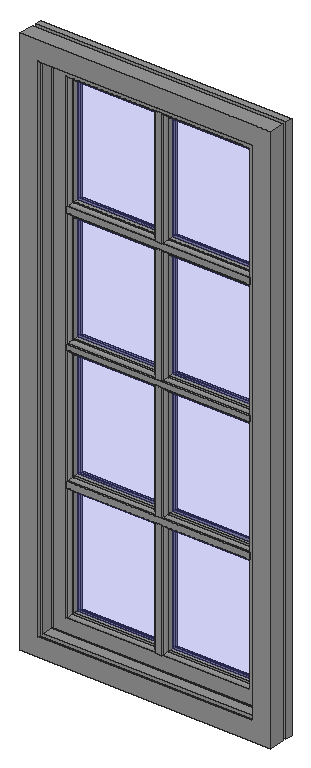
Revit family "MB1SP RH", category Windows, host Wall, Revit 2015
Parameters (values of type "MB1SP RH")
  Height = 1195 mm
  Default Lintel Height = 2100 mm
  Wall Closure = By host
  Width = 542 mm
Reference planes
  plane 1 "Center (Front/Back)": y = 0
  plane 2 "Center (Left/Right)": x = 0
  plane 3 "Left": x = -271
  plane 4 "Right": x = 271
  plane 5 "Sill": z = 905
  plane 6 "Head": z = 2100
  plane 7 "Exterior": y = 100
  plane 8 "Interior": y = -100
  plane 9: y = -28.5
  plane 10: y = 23.5
Forms (mm)
  Sweep 1, solid, material "Lauan, Meranti"
    path origin (0, 100, 0) x (-1, 0, 0) y (0, 0, -1)
      loop
        line (271, -2100) -> (271, -905) -> (-271, -905) -> (-271, -2100) -> (271, -2100)
    profile origin (0, 100, 2100) x (0, 0, 1) y (0, -1, 0)
      loop
        line (0, 71.5) -> (0, 86.5) -> (-10, 86.5) -> (-10, 94.5) -> (0, 94.5) -> (0, 128.5) -> (-39, 128.5) -> (-39, 122.5) -> (-44, 122.5) -> (-44, 96.5) -> (-40.5, 96.5) -> (-40.5, 102.5) -> (-37.5, 102.5) -> (-37.5, 96.5) -> (-29, 96.5) -> (-29, 71.5) -> (0, 71.5)
  Sweep 2, solid, material "Rubber"
    path origin (0, 100, 0) x (-1, 0, 0) y (0, 0, -1)
      loop
        line (233.5, -2062.5) -> (233.5, -942.5) -> (-233.5, -942.5) -> (-233.5, -2062.5) -> (233.5, -2062.5)
    profile origin (0, 100, 2062.5) x (0, 0, 1) y (0, -1, 0)
      loop
        line (-1.5, 91.5) -> (3.5, 93.5) -> (3.5, 96.5) -> (-0.5, 96.5) -> (-0.5, 98.93) -> (0.5, 98.93) -> (-0.5, 99.198) -> (-0.5, 100.964) -> (0.5, 100.964) -> (-1.5, 101.5) -> (-3.5, 100.964) -> (-2.5, 100.964) -> (-2.5, 99.198) -> (-3.5, 98.93) -> (-2.5, 98.93) -> (-2.5, 96.5) -> (-6.5, 96.5) -> (-6.5, 93.5) -> (-1.5, 91.5)
  Sweep 3, solid, material "Lauan, Meranti"
    path origin (0, 100, 0) x (-1, 0, 0) y (0, 0, -1)
      loop
        line (242, -2071) -> (242, -934) -> (-242, -934) -> (-242, -2071) -> (242, -2071)
    profile origin (0, 100, 2071) x (0, 0, 1) y (0, -1, 0)
      loop
        line (5, 57.5) -> (5, 71.5) -> (-12, 71.5) -> (-12, 78.5) -> (-14, 79.036) -> (-14, 83.964) -> (-12, 84.5) -> (-12, 89.5) -> (-10, 89.5) -> (-10, 93.5) -> (-43, 93.5) -> (-43, 90.5)
        arc (-43, 90.5) -> (-47.243, 88.743) -> (-49, 84.5) r 6
        line (-49, 84.5) -> (-52, 84.5) -> (-52, 76.5) -> (-43, 76.5) -> (-43, 51.5) -> (-1, 51.5)
        arc (-1, 51.5) -> (3.242, 53.257) -> (5, 57.5) r 6
  Extrusion 4, solid, material "Lauan, Meranti"
    sketch origin (0.324, 25, 184.161) x (-1, 0, 0) y (0, -1, 0)
      loop
        line (-6.5, -23.5) -> (6.5, -23.5) -> (6.5, 1.5) -> (15.5, 1.5) -> (15.5, 9.5) -> (12.5, 9.5)
        arc (12.5, 9.5) -> (10.743, 13.743) -> (6.5, 15.5) r 6
        line (6.5, 15.5) -> (6.5, 18.5) -> (-6.5, 18.5) -> (-6.5, 15.5)
        arc (-6.5, 15.5) -> (-10.743, 13.743) -> (-12.5, 9.5) r 6
        line (-12.5, 9.5) -> (-15.5, 9.5) -> (-15.5, 1.5) -> (-6.5, 1.5) -> (-6.5, -23.5)
    from 1590.838 to 1843.838
  Extrusion 5, solid, material "Lauan, Meranti"
    sketch origin (270.924, 0, -15.839) x (0, -1, 0) y (0, 0, -1)
      loop
        line (-48.5, -1777.838) -> (-48.5, -1790.838) -> (-23.5, -1790.838) -> (-23.5, -1799.838) -> (-15.5, -1799.838) -> (-15.5, -1796.838)
        arc (-15.5, -1796.838) -> (-11.257, -1795.081) -> (-9.5, -1790.838) r 6
        line (-9.5, -1790.838) -> (-6.5, -1790.838) -> (-6.5, -1777.838) -> (-9.5, -1777.838)
        arc (-9.5, -1777.838) -> (-11.257, -1773.596) -> (-15.5, -1771.838) r 6
        line (-15.5, -1771.838) -> (-15.5, -1768.838) -> (-23.5, -1768.838) -> (-23.5, -1777.838) -> (-48.5, -1777.838)
      loop
        line (-48.5, -1511.838) -> (-48.5, -1524.838) -> (-23.5, -1524.838) -> (-23.5, -1533.838) -> (-15.5, -1533.838) -> (-15.5, -1530.838)
        arc (-15.5, -1530.838) -> (-11.257, -1529.081) -> (-9.5, -1524.838) r 6
        line (-9.5, -1524.838) -> (-6.5, -1524.838) -> (-6.5, -1511.838) -> (-9.5, -1511.838)
        arc (-9.5, -1511.838) -> (-11.257, -1507.596) -> (-15.5, -1505.838) r 6
        line (-15.5, -1505.838) -> (-15.5, -1502.838) -> (-23.5, -1502.838) -> (-23.5, -1511.838) -> (-48.5, -1511.838)
      loop
        line (-48.5, -1245.838) -> (-48.5, -1258.838) -> (-23.5, -1258.838) -> (-23.5, -1267.838) -> (-15.5, -1267.838) -> (-15.5, -1264.838)
        arc (-15.5, -1264.838) -> (-11.257, -1263.081) -> (-9.5, -1258.838) r 6
        line (-9.5, -1258.838) -> (-6.5, -1258.838) -> (-6.5, -1245.838) -> (-9.5, -1245.838)
        arc (-9.5, -1245.838) -> (-11.257, -1241.596) -> (-15.5, -1239.838) r 6
        line (-15.5, -1239.838) -> (-15.5, -1236.838) -> (-23.5, -1236.838) -> (-23.5, -1245.838) -> (-48.5, -1245.838)
    from -469.924 to -71.925
  Extrusion 6, solid, material "Lauan, Meranti"
    sketch origin (0.324, 25, -15.264) x (-1, 0, 0) y (0, -1, 0)
      loop
        line (-6.5, -23.5) -> (6.5, -23.5) -> (6.5, 1.5) -> (15.5, 1.5) -> (15.5, 9.5) -> (12.5, 9.5)
        arc (12.5, 9.5) -> (10.743, 13.743) -> (6.5, 15.5) r 6
        line (6.5, 15.5) -> (6.5, 18.5) -> (-6.5, 18.5) -> (-6.5, 15.5)
        arc (-6.5, 15.5) -> (-10.743, 13.743) -> (-12.5, 9.5) r 6
        line (-12.5, 9.5) -> (-15.5, 9.5) -> (-15.5, 1.5) -> (-6.5, 1.5) -> (-6.5, -23.5)
    from 1524.263 to 1777.263
  Extrusion 7, solid, material "Lauan, Meranti"
    sketch origin (0.324, 25, -214.688) x (-1, 0, 0) y (0, -1, 0)
      loop
        line (-6.5, -23.5) -> (6.5, -23.5) -> (6.5, 1.5) -> (15.5, 1.5) -> (15.5, 9.5) -> (12.5, 9.5)
        arc (12.5, 9.5) -> (10.743, 13.743) -> (6.5, 15.5) r 6
        line (6.5, 15.5) -> (6.5, 18.5) -> (-6.5, 18.5) -> (-6.5, 15.5)
        arc (-6.5, 15.5) -> (-10.743, 13.743) -> (-12.5, 9.5) r 6
        line (-12.5, 9.5) -> (-15.5, 9.5) -> (-15.5, 1.5) -> (-6.5, 1.5) -> (-6.5, -23.5)
    from 1457.688 to 1710.688
  Extrusion 8, solid, material "Lauan, Meranti"
    sketch origin (0.324, 25, -414.113) x (-1, 0, 0) y (0, -1, 0)
      loop
        line (-6.5, -23.5) -> (6.5, -23.5) -> (6.5, 1.5) -> (15.5, 1.5) -> (15.5, 9.5) -> (12.5, 9.5)
        arc (12.5, 9.5) -> (10.743, 13.743) -> (6.5, 15.5) r 6
        line (6.5, 15.5) -> (6.5, 18.5) -> (-6.5, 18.5) -> (-6.5, 15.5)
        arc (-6.5, 15.5) -> (-10.743, 13.743) -> (-12.5, 9.5) r 6
        line (-12.5, 9.5) -> (-15.5, 9.5) -> (-15.5, 1.5) -> (-6.5, 1.5) -> (-6.5, -23.5)
    from 1391.114 to 1644.113
  Extrusion 9, solid, material "Glass"
    sketch origin (10500, 23.5, 2100) x (0, 0, -1) y (-1, 0, 0)
      loop
        line (72, 10699) -> (72, 10506.176) -> (325, 10506.176) -> (325, 10699) -> (72, 10699)
      loop
        line (72, 10493.176) -> (72, 10301) -> (325, 10301) -> (325, 10493.176) -> (72, 10493.176)
      loop
        line (338, 10699) -> (338, 10506.176) -> (591, 10506.176) -> (591, 10699) -> (338, 10699)
      loop
        line (338, 10493.176) -> (338, 10301) -> (591, 10301) -> (591, 10493.176) -> (338, 10493.176)
      loop
        line (604, 10699) -> (604, 10506.176) -> (857, 10506.176) -> (857, 10699) -> (604, 10699)
      loop
        line (604, 10493.176) -> (604, 10301) -> (857, 10301) -> (857, 10493.176) -> (604, 10493.176)
      loop
        line (870, 10699) -> (870, 10506.176) -> (1123, 10506.176) -> (1123, 10699) -> (870, 10699)
      loop
        line (870, 10493.176) -> (870, 10301.012) -> (1122.987, 10301.012) -> (1122.987, 10493.176) -> (870, 10493.176)
    from 0 to 6.4
  Sweep 10, solid, material "Lauan, Meranti"
    path origin (0, 100, 0) x (-1, 0, 0) y (0, 0, -1)
      loop
        line (199, -2028) -> (199, -1775) -> (6.176, -1775) -> (6.176, -2028) -> (199, -2028)
    profile origin (-102.588, 100, 2028) x (0, 0, 1) y (0, -1, 0)
      loop
        line (0, 62.1) -> (0, 70.1) -> (-9, 70.1) -> (-9, 68.1) -> (-7, 68.1)
        arc (-7, 68.1) -> (-4.67, 63.734) -> (0, 62.1) r 6.807
  Sweep 11, solid, material "Lauan, Meranti"
    path origin (205.824, 100, 0) x (-1, 0, 0) y (0, 0, -1)
      loop
        line (199, -2028) -> (199, -1775) -> (6.824, -1775) -> (6.824, -2028) -> (199, -2028)
    profile origin (102.912, 100, 2028) x (0, 0, 1) y (0, -1, 0)
      loop
        line (0, 62.1) -> (0, 70.1) -> (-9, 70.1) -> (-9, 68.1) -> (-7, 68.1)
        arc (-7, 68.1) -> (-4.67, 63.734) -> (0, 62.1) r 6.807
  Sweep 12, solid, material "Lauan, Meranti"
    path origin (0, 100, -266) x (-1, 0, 0) y (0, 0, -1)
      loop
        line (199, -2028) -> (199, -1775) -> (6.176, -1775) -> (6.176, -2028) -> (199, -2028)
    profile origin (-102.588, 100, 1762) x (0, 0, 1) y (0, -1, 0)
      loop
        line (0, 62.1) -> (0, 70.1) -> (-9, 70.1) -> (-9, 68.1) -> (-7, 68.1)
        arc (-7, 68.1) -> (-4.67, 63.734) -> (0, 62.1) r 6.807
  Sweep 13, solid, material "Lauan, Meranti"
    path origin (205.824, 100, -266) x (-1, 0, 0) y (0, 0, -1)
      loop
        line (199, -2028) -> (199, -1775) -> (6.824, -1775) -> (6.824, -2028) -> (199, -2028)
    profile origin (102.912, 100, 1762) x (0, 0, 1) y (0, -1, 0)
      loop
        line (0, 62.1) -> (0, 70.1) -> (-9, 70.1) -> (-9, 68.1) -> (-7, 68.1)
        arc (-7, 68.1) -> (-4.67, 63.734) -> (0, 62.1) r 6.807
  Sweep 14, solid, material "Lauan, Meranti"
    path origin (0, 100, -532) x (-1, 0, 0) y (0, 0, -1)
      loop
        line (199, -2028) -> (199, -1775) -> (6.176, -1775) -> (6.176, -2028) -> (199, -2028)
    profile origin (-102.588, 100, 1496) x (0, 0, 1) y (0, -1, 0)
      loop
        line (0, 62.1) -> (0, 70.1) -> (-9, 70.1) -> (-9, 68.1) -> (-7, 68.1)
        arc (-7, 68.1) -> (-4.67, 63.734) -> (0, 62.1) r 6.807
  Sweep 15, solid, material "Lauan, Meranti"
    path origin (205.824, 100, -532) x (-1, 0, 0) y (0, 0, -1)
      loop
        line (199, -2028) -> (199, -1775) -> (6.824, -1775) -> (6.824, -2028) -> (199, -2028)
    profile origin (102.912, 100, 1496) x (0, 0, 1) y (0, -1, 0)
      loop
        line (0, 62.1) -> (0, 70.1) -> (-9, 70.1) -> (-9, 68.1) -> (-7, 68.1)
        arc (-7, 68.1) -> (-4.67, 63.734) -> (0, 62.1) r 6.807
  Sweep 16, solid, material "Lauan, Meranti"
    path origin (0, 100, -798) x (-1, 0, 0) y (0, 0, -1)
      loop
        line (199, -2028) -> (199, -1775) -> (6.176, -1775) -> (6.176, -2028) -> (199, -2028)
    profile origin (-102.588, 100, 1230) x (0, 0, 1) y (0, -1, 0)
      loop
        line (0, 62.1) -> (0, 70.1) -> (-9, 70.1) -> (-9, 68.1) -> (-7, 68.1)
        arc (-7, 68.1) -> (-4.67, 63.734) -> (0, 62.1) r 6.807
  Sweep 17, solid, material "Lauan, Meranti"
    path origin (205.824, 100, -798) x (-1, 0, 0) y (0, 0, -1)
      loop
        line (199, -2028) -> (199, -1775) -> (6.824, -1775) -> (6.824, -2028) -> (199, -2028)
    profile origin (102.912, 100, 1230) x (0, 0, 1) y (0, -1, 0)
      loop
        line (0, 62.1) -> (0, 70.1) -> (-9, 70.1) -> (-9, 68.1) -> (-7, 68.1)
        arc (-7, 68.1) -> (-4.67, 63.734) -> (0, 62.1) r 6.807
Lines and regions (mm)
  Opening 1
    outline origin (-5000, 100, 0) x (-1, 0, 0) y (0, 0, 1)
      loop
        line (-4729, 905) -> (-4729, 2100) -> (-5271, 2100) -> (-5271, 905) -> (-4729, 905)
  model lines
    curve 1: line (-247, 48.5, 2076) -> (247, 48.5, 1502.5)
    curve 2: line (247, 48.5, 1502.5) -> (-247, 48.5, 929)
Text (mm)
  text "EXTERIOR" at (-1963.203, 1332.353, 0), in view "Ref. Level"
  text "INTERIOR" at (-1981.466, -818.386, 0), in view "Ref. Level"
  text "Exterior" at (0, 923.751, 2943.296), in view "Right"
  text "Exterior" at (0, 1040.484, 2685.409), in view "Left"
Dimensions and locks
  equal spacing: plane 3 "Left", plane 2 "Center (Left/Right)", plane 4 "Right"
  "Width": plane 3 "Left" to plane 4 "Right"
  "Height": plane 5 "Sill" to plane 6 "Head"
  "Default Lintel Height": plane 6 "Head" to level
  locked: plane 7 "Exterior" to host wall at 0
  locked: plane 8 "Interior" to host wall
  locked: plane 10 to plane 9 at 52
  aligned and locked: Sweep 2 sketch curve to Sweep 1  (x4)
  aligned and locked: Sweep 3 sketch curve to Sweep 1  (x4)
  aligned and locked: Sweep 3 sketch curve to Sweep 2
  aligned and locked: Sweep 3 to Extrusion 5  (x2)
  aligned and locked: Sweep 3 to Extrusion 4
  aligned and locked: Extrusion 5 to Extrusion 8
  aligned and locked: Sweep 3 to Extrusion 8
  aligned and locked: Extrusion 5 to Extrusion 7  (x2)
  aligned and locked: Extrusion 5 to Extrusion 6  (x2)
  aligned and locked: Extrusion 5 to Extrusion 4
  aligned and locked: Sweep 3 to Extrusion 9 sketch curve
  aligned and locked: Extrusion 9 sketch curve to Sweep 3  (x3)
  aligned and locked: Extrusion 9 sketch curve to Extrusion 4  (x4)
  aligned and locked: Extrusion 5 to Extrusion 9 sketch curve  (x9)
  aligned and locked: Extrusion 9 sketch curve to Extrusion 5  (x2)
  aligned and locked: Extrusion 9 sketch curve to Extrusion 6  (x4)
  aligned and locked: Extrusion 9 sketch curve to Extrusion 7  (x4)
  aligned and locked: Extrusion 9 sketch curve to Extrusion 8  (x4)
  aligned and locked: Sweep 10 sketch curve to Sweep 3  (x2)
  aligned and locked: Sweep 10 sketch curve to Extrusion 9
  aligned and locked: Sweep 10 sketch curve to Extrusion 4
  aligned and locked: Sweep 3 to Sweep 11 sketch curve
  aligned and locked: Sweep 11 sketch curve to Extrusion 4
  aligned and locked: Sweep 11 sketch curve to Extrusion 5
  aligned and locked: Sweep 11 sketch curve to Sweep 3
  aligned and locked: Sweep 12 sketch curve to Extrusion 5
  aligned and locked: Sweep 12 sketch curve to Sweep 3
  aligned and locked: Sweep 12 sketch curve to Extrusion 6
  aligned and locked: Extrusion 5 to Sweep 12 sketch curve
  aligned and locked: Extrusion 5 to Sweep 13 sketch curve
  aligned and locked: Sweep 13 sketch curve to Extrusion 6
  aligned and locked: Sweep 13 sketch curve to Sweep 3
  aligned and locked: Sweep 13 sketch curve to Extrusion 5
  aligned and locked: Sweep 14 sketch curve to Extrusion 5
  aligned and locked: Sweep 14 sketch curve to Sweep 3
  aligned and locked: Extrusion 5 to Sweep 14 sketch curve
  aligned and locked: Sweep 14 sketch curve to Extrusion 7
  aligned and locked: Extrusion 5 to Sweep 15 sketch curve
  aligned and locked: Sweep 15 sketch curve to Extrusion 7
  aligned and locked: Sweep 15 sketch curve to Sweep 3
  aligned and locked: Sweep 16 sketch curve to Extrusion 5
  aligned and locked: Sweep 16 sketch curve to Sweep 3
  aligned and locked: Sweep 16 sketch curve to Extrusion 8
  aligned and locked: Sweep 3 to Sweep 16 sketch curve
  aligned and locked: Extrusion 5 to Sweep 17 sketch curve
  aligned and locked: Sweep 17 sketch curve to Extrusion 8
  aligned and locked: Sweep 17 sketch curve to Sweep 3  (x2)
Automatic sketch dimensions
  plane 4 "Right" to curve 2 = 24 mm
  curve 2 to plane 5 "Sill" = 597.5 mm
  curve 1 to plane 3 "Left" = 24 mm
  curve 2 to plane 3 "Left" = 24 mm
  curve 2 to plane 5 "Sill" = 24 mm
  plane 6 "Head" to curve 1 = 24 mm
  plane 4 "Right" to Opening 1 sketch curve = 0 mm
  plane 3 "Left" to Opening 1 sketch curve = 0 mm
  Opening 1 sketch curve to plane 5 "Sill" = 0 mm
  Opening 1 sketch curve to plane 6 "Head" = 0 mm
  plane 4 "Right" to Sweep 1 sketch curve = 0 mm
  plane 3 "Left" to Sweep 1 sketch curve = 0 mm
  Sweep 1 sketch curve to plane 6 "Head" = 0 mm
  Sweep 1 sketch curve to plane 5 "Sill" = 0 mm
  profile plane to Sweep 1 sketch curve = 0 mm  (x2)
  profile plane to Sweep 1 sketch curve = 10 mm
  Sweep 1 sketch curve to Sweep 1 sketch curve = 19 mm
  Sweep 1 sketch curve to Sweep 1 sketch curve = 8.5 mm
  Sweep 1 sketch curve to Sweep 1 sketch curve = 1.5 mm
  Sweep 1 sketch curve to Sweep 1 sketch curve = 3 mm
  Sweep 1 sketch curve to Sweep 1 sketch curve = 5 mm
  profile plane to Sweep 1 sketch curve = 71.5 mm
  Sweep 1 sketch curve to Sweep 1 sketch curve = 15 mm
  Sweep 1 sketch curve to Sweep 1 sketch curve = 8 mm
  Sweep 1 sketch curve to Sweep 1 sketch curve = 25 mm
  Sweep 1 sketch curve to Sweep 1 sketch curve = 0 mm
  Sweep 1 sketch curve to Sweep 1 sketch curve = 6 mm
  Sweep 1 sketch curve to Sweep 1 sketch curve = 20 mm
  Sweep 1 sketch curve to Sweep 1 sketch curve = 34 mm
  profile plane to Sweep 2 sketch curve = 6.5 mm
  profile plane to Sweep 2 sketch curve = 3.5 mm
  Sweep 2 sketch curve to Sweep 2 sketch curve = 0 mm  (x3)
  profile plane to Sweep 2 sketch curve = 2.5 mm
  Sweep 2 sketch curve to Sweep 2 sketch curve = 1 mm  (x2)
  profile plane to Sweep 2 sketch curve = 1.5 mm
  profile plane to Sweep 2 sketch curve = 0.5 mm
  Sweep 2 sketch curve to profile plane = 0.5 mm  (x2)
  Sweep 2 sketch curve to profile plane = 3.5 mm
  profile plane to Sweep 2 sketch curve = 91.5 mm
  Sweep 2 sketch curve to Sweep 2 sketch curve = 2 mm  (x2)
  Sweep 2 sketch curve to Sweep 2 sketch curve = 3 mm  (x2)
  Sweep 2 sketch curve to Sweep 2 sketch curve = 2.43 mm
  Sweep 2 sketch curve to Sweep 2 sketch curve = 0.268 mm  (x2)
  Sweep 2 sketch curve to Sweep 2 sketch curve = 1.766 mm  (x2)
  Sweep 2 sketch curve to Sweep 2 sketch curve = 0.536 mm
  profile plane to Sweep 3 sketch curve = 52 mm
  Sweep 3 sketch curve to Sweep 3 sketch curve = 3 mm  (x2)
  Sweep 3 sketch curve to Sweep 3 sketch curve = 9 mm
  Sweep 3 sketch curve to Sweep 3 sketch curve = 6 mm
  profile plane to Sweep 3 sketch curve = 14 mm
  Sweep 3 sketch curve to Sweep 3 sketch curve = 2 mm  (x3)
  profile plane to Sweep 3 sketch curve = 1 mm
  Sweep 3 sketch curve to profile plane = 5 mm
  Sweep 3 sketch curve to Sweep 3 sketch curve = 4 mm
  Sweep 3 sketch curve to Sweep 3 sketch curve = 5 mm
  Sweep 3 sketch curve to Sweep 3 sketch curve = 0.536 mm  (x2)
  Sweep 3 sketch curve to Sweep 3 sketch curve = 4.928 mm
  Sweep 3 sketch curve to Sweep 3 sketch curve = 8 mm
  Sweep 3 sketch curve to Sweep 3 sketch curve = 7 mm
  Sweep 3 sketch curve to Sweep 3 sketch curve = 14 mm
  Extrusion 4 sketch curve to plane 10 = 0 mm  (x2)
  Extrusion 4 sketch curve to plane 2 "Center (Left/Right)" = 15.824 mm
  Extrusion 4 sketch curve to Extrusion 4 sketch curve = 3 mm  (x3)
  Extrusion 4 sketch curve to plane 2 "Center (Left/Right)" = 6.824 mm  (x2)
  plane 2 "Center (Left/Right)" to Extrusion 4 sketch curve = 6.176 mm  (x2)
  Extrusion 4 sketch curve to Extrusion 4 sketch curve = 6 mm
  plane 10 to Extrusion 4 sketch curve = 25 mm
  Extrusion 4 sketch curve to Extrusion 4 sketch curve = 8 mm  (x2)
  Extrusion 5 sketch curve to plane 10 = 0 mm  (x6)
  Extrusion 5 sketch curve to Extrusion 5 sketch curve = 25 mm  (x3)
  Extrusion 5 sketch curve to plane 10 = 8 mm  (x6)
  Extrusion 5 sketch curve to Extrusion 5 sketch curve = 6 mm  (x6)
  Extrusion 5 sketch curve to Extrusion 5 sketch curve = 3 mm  (x9)
  plane 6 "Head" to Extrusion 5 sketch curve = 316 mm
  Extrusion 5 sketch curve to Extrusion 5 sketch curve = 9 mm  (x3)
  Extrusion 5 sketch curve to Extrusion 5 sketch curve = 13 mm  (x4)
  Extrusion 5 sketch curve to Extrusion 5 sketch curve = 235 mm  (x2)
  Extrusion 5 sketch curve to Extrusion 5 sketch curve = 0 mm  (x2)
  Extrusion 6 sketch curve to plane 10 = 0 mm  (x2)
  Extrusion 6 sketch curve to plane 2 "Center (Left/Right)" = 15.824 mm
  Extrusion 6 sketch curve to Extrusion 6 sketch curve = 3 mm  (x3)
  Extrusion 6 sketch curve to plane 2 "Center (Left/Right)" = 6.824 mm  (x2)
  plane 2 "Center (Left/Right)" to Extrusion 6 sketch curve = 6.176 mm  (x2)
  Extrusion 6 sketch curve to Extrusion 6 sketch curve = 6 mm
  plane 10 to Extrusion 6 sketch curve = 25 mm
  Extrusion 6 sketch curve to Extrusion 6 sketch curve = 8 mm  (x2)
  Extrusion 7 sketch curve to plane 10 = 0 mm  (x2)
  Extrusion 7 sketch curve to plane 2 "Center (Left/Right)" = 15.824 mm
  Extrusion 7 sketch curve to Extrusion 7 sketch curve = 3 mm  (x3)
  Extrusion 7 sketch curve to plane 2 "Center (Left/Right)" = 6.824 mm  (x2)
  plane 2 "Center (Left/Right)" to Extrusion 7 sketch curve = 6.176 mm  (x2)
  Extrusion 7 sketch curve to Extrusion 7 sketch curve = 6 mm
  plane 10 to Extrusion 7 sketch curve = 25 mm
  Extrusion 7 sketch curve to Extrusion 7 sketch curve = 8 mm  (x2)
  Extrusion 8 sketch curve to plane 10 = 0 mm  (x2)
  Extrusion 8 sketch curve to plane 2 "Center (Left/Right)" = 15.824 mm
  Extrusion 8 sketch curve to Extrusion 8 sketch curve = 3 mm  (x3)
  Extrusion 8 sketch curve to plane 2 "Center (Left/Right)" = 6.824 mm  (x2)
  plane 2 "Center (Left/Right)" to Extrusion 8 sketch curve = 6.176 mm  (x2)
  Extrusion 8 sketch curve to Extrusion 8 sketch curve = 6 mm
  plane 10 to Extrusion 8 sketch curve = 25 mm
  Extrusion 8 sketch curve to Extrusion 8 sketch curve = 8 mm  (x2)
  Extrusion 9 sketch curve to Extrusion 9 sketch curve = 0 mm
  profile plane to Sweep 10 sketch curve = 0 mm
  profile plane to Sweep 10 sketch curve = 0.241 mm
  Sweep 10 sketch curve to Sweep 10 sketch curve = 6.759 mm
  Sweep 10 sketch curve to Sweep 10 sketch curve = 2 mm  (x2)
  profile plane to Sweep 10 sketch curve = 62.1 mm
  Sweep 10 sketch curve to Sweep 10 sketch curve = 6 mm
  profile plane to Sweep 11 sketch curve = 0 mm
  profile plane to Sweep 11 sketch curve = 0.241 mm
  Sweep 11 sketch curve to Sweep 11 sketch curve = 6.759 mm
  Sweep 11 sketch curve to Sweep 11 sketch curve = 2 mm  (x2)
  profile plane to Sweep 11 sketch curve = 62.1 mm
  Sweep 11 sketch curve to Sweep 11 sketch curve = 6 mm
  profile plane to Sweep 12 sketch curve = 0 mm
  profile plane to Sweep 12 sketch curve = 0.241 mm
  Sweep 12 sketch curve to Sweep 12 sketch curve = 6.759 mm
  Sweep 12 sketch curve to Sweep 12 sketch curve = 2 mm  (x2)
  profile plane to Sweep 12 sketch curve = 62.1 mm
  Sweep 12 sketch curve to Sweep 12 sketch curve = 6 mm
  profile plane to Sweep 13 sketch curve = 0 mm
  profile plane to Sweep 13 sketch curve = 0.241 mm
  Sweep 13 sketch curve to Sweep 13 sketch curve = 6.759 mm
  Sweep 13 sketch curve to Sweep 13 sketch curve = 2 mm  (x2)
  profile plane to Sweep 13 sketch curve = 62.1 mm
  Sweep 13 sketch curve to Sweep 13 sketch curve = 6 mm
  profile plane to Sweep 14 sketch curve = 0 mm
  profile plane to Sweep 14 sketch curve = 0.241 mm
  Sweep 14 sketch curve to Sweep 14 sketch curve = 6.759 mm
  Sweep 14 sketch curve to Sweep 14 sketch curve = 2 mm  (x2)
  profile plane to Sweep 14 sketch curve = 62.1 mm
  Sweep 14 sketch curve to Sweep 14 sketch curve = 6 mm
  Sweep 15 sketch curve to Sweep 15 sketch curve = 253 mm
  profile plane to Sweep 15 sketch curve = 0 mm
  profile plane to Sweep 15 sketch curve = 0.241 mm
  Sweep 15 sketch curve to Sweep 15 sketch curve = 6.759 mm
  Sweep 15 sketch curve to Sweep 15 sketch curve = 2 mm  (x2)
  profile plane to Sweep 15 sketch curve = 62.1 mm
  Sweep 15 sketch curve to Sweep 15 sketch curve = 6 mm
  profile plane to Sweep 16 sketch curve = 0 mm
  profile plane to Sweep 16 sketch curve = 0.241 mm
  Sweep 16 sketch curve to Sweep 16 sketch curve = 6.759 mm
  Sweep 16 sketch curve to Sweep 16 sketch curve = 2 mm  (x2)
  profile plane to Sweep 16 sketch curve = 62.1 mm
  Sweep 16 sketch curve to Sweep 16 sketch curve = 6 mm
  profile plane to Sweep 17 sketch curve = 0 mm
  profile plane to Sweep 17 sketch curve = 0.241 mm
  Sweep 17 sketch curve to Sweep 17 sketch curve = 6.759 mm
  Sweep 17 sketch curve to Sweep 17 sketch curve = 2 mm  (x2)
  profile plane to Sweep 17 sketch curve = 62.1 mm
  Sweep 17 sketch curve to Sweep 17 sketch curve = 6 mm
